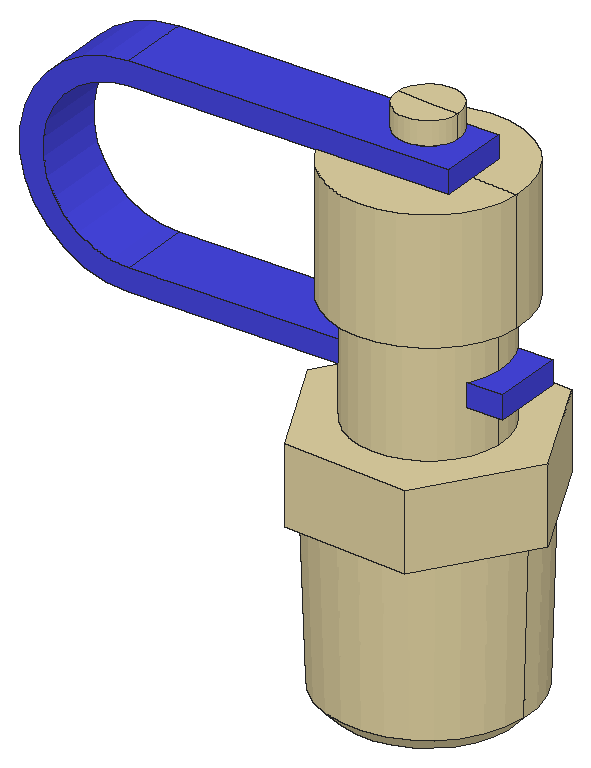
Revit family "HA00831008", category Apparecchi idraulici, Revit 2020
Family settings
  Quota connettore circolare = Usa diametro
  Tipo di parte = Normale
  Numero OmniClass = 23.45.00.00
  Titolo OmniClass = Sanitary, Laundry, and Cleaning Equipment
  Basato su piano di lavoro = No
  Sempre verticale = Sì
  Taglio con vuoti quando caricato = No
  Condiviso = No
  Punto di calcolo locali = No
Parameters
  URL = "https://web.cimberio.com/index.php/figura/864?subcategoria_id="
  Temperatura di esercizio = "-10 ÷ 120°C"
  Prospetto di default = 0 mm
  Produttore = "CIMBERIO SPA"
  Pressione nominale = "PN 25"
  Modello = "Cim 723L"
  Materiale = "Prodotto in lega di ottone conforme alla norma EN 12165-CW617N-DW"
  Descrizione = "Utilizzato nei più svariati settori dell'impiantistica: impianti di riscaldamento, condizionamento, idrici, igienico-sanitari e in generale con ogni fluido non corrosivo"
  DN [instance] = 6.4 mm
  Commenti sul tipo = "Realizzato in ottemperanza ai requisiti gestionali della norma EN ISO 9001.\r\nCollaudato al 100% secondo la normativa EN 12266-1"
Reference planes
  plane 1 "Centro (Fronte/Retro)": y = 0
  plane 2: z = 0
  plane 3 "Centro (Sinistra/Destra)": x = 0
Forms (mm)
  Revolve 1, solid, material "Cim_Lega di ottone gialla filetto"
    sketch origin (0, 0, 0) x (1, 0, 0) y (0, 0, 1)
      loop
        line (0, 12) -> (-6.802, 12) -> (-6.452, 1.054) -> (-5.418, 0) -> (0, 0) -> (0, 12)
      axis (0, 12) -> (0, 0)
    angle from 0 to 360
  Extrusion 2, solid, material "Cim_Lega di ottone gialla"
    sketch origin (0, 0, 0) x (1, 0, 0) y (0, 1, 0)
      loop
        line (8.1, 0) -> (4.05, 7.015) -> (-4.05, 7.015) -> (-8.1, 0) -> (-4.05, -7.015) -> (4.05, -7.015) -> (8.1, 0)
    from 12 to 17
  Revolve 3, solid, material "Cim_Lega di ottone gialla filetto"
    sketch origin (0, 0, -7) x (1, 0, 0) y (0, 0, 1)
      loop
        line (-4.755, 24) -> (0, 24) -> (0, 31.996) -> (-4.755, 31.996) -> (-4.755, 24)
      axis (0, 31.996) -> (0, 24)
    angle from 0 to 360
  Revolve 4, solid, material "Cim_Lega di ottone gialla filetto(1)"
    sketch origin (0, 0, -7) x (1, 0, 0) y (0, 0, 1)
      loop
        line (0, 39.538) -> (-6.001, 39.538) -> (-5.996, 31.502) -> (0, 31.502) -> (0, 39.538)
      axis (0, 39.538) -> (0, 31.502)
    angle from 0 to 360
  Revolve 5, solid, material "Cim_Lega di ottone gialla"
    sketch origin (0, 0, -6) x (1, 0, 0) y (0, 0, 1)
      loop
        line (-2.002, 42) -> (-2.002, 40.503) -> (-1.15, 40.503) -> (-1.15, 38.5) -> (0, 38.5) -> (0, 42) -> (-2.002, 42)
      axis (0, 42) -> (0, 38.5)
    angle from 0 to 360
  Extrusion 6, solid, material "Cim_Alluminio blu"
    sketch origin (-0.455, 2.82, -7) x (0.997757, 0.066939, 0) y (0, 0, 1)
      loop
        arc (-17.287, 41) -> (-24.273, 34) -> (-17.287, 27) r 7
        line (-17.287, 27) -> (6.75, 27) -> (6.75, 28.5) -> (-17.287, 28.5)
        arc (-17.287, 28.5) -> (-22.776, 34) -> (-17.287, 39.5) r 5.5
        line (-17.287, 39.5) -> (3.25, 39.5) -> (3.25, 41) -> (-17.287, 41)
    from 0.646 to 5.252
Dimensions and locks
  aligned and locked: level to plane 2
